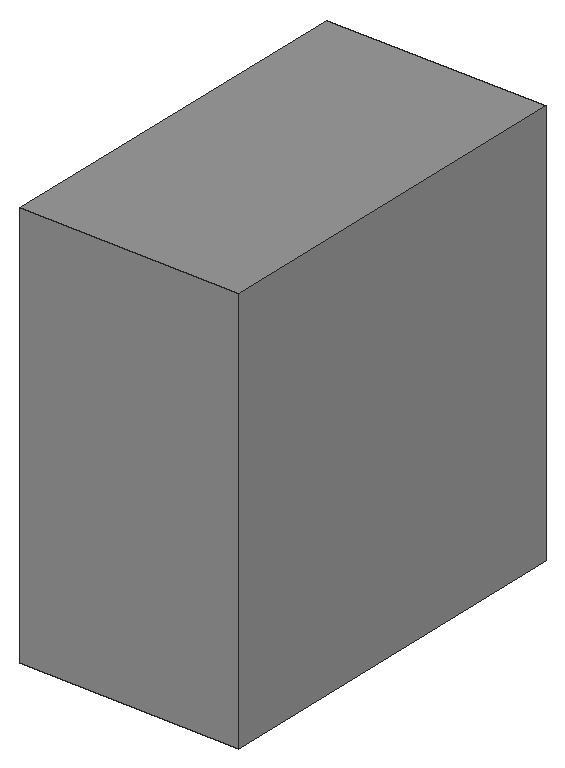
Revit family "PRE080014-FR", category Appareils sanitaires, Revit 2017
Family settings
  Cote de connecteur circulaire = Utiliser le diamètre
  Type d'élément = Normal
  Basée sur le plan de construction = Non
  Toujours verticalement = Oui
  Couper avec des vides une fois chargée = Non
  Partagée = Non
  Point de calcul de pièce = Non
Parameters (values of type "70804 PRESTO CHEF Mélangeur mural avec bec par-dessus")
  Variantes = "70804"
  Product data url = "https://www.bimobject.com/presto/product/pre080014"
  Product Guid = "cbd18e76-b8ed-43b2-b15f-4c3358826756"
  Garantie = ""
  URL Fabricant = "http://www.prestodatashare.com/centretelechargement/index.php?lang=FR&refs=70804"
  URL = "http://www.prestodatashare.com/centretelechargement/index.php?lang=FR&refs=70804"
  Lien notice d'utilisation = "http://www.prestodatashare.com/centretelechargement/index.php?lang=FR&refs=70804"
  Lien fiche produit = "http://www.prestodatashare.com/espacedoc/Fiches_Techniques/FR/70804.pdf"
  Reference = "70804"
  Pression = ""
  Polantis code = "PRE080014"
  Perte de charge = 0.0 Pa
  Profondeur = 320 mm
  Modèle = "70804 PRESTO CHEF Mélangeur mural avec bec par-dessus"
  Matériau = Laiton poli chromé
  Lien CCTP = "http://www.prestodatashare.com/centretelechargement/index.php?lang=FR&refs=70804"
  Largeur = 183 mm
  HC = 320 mm
  Hauteur = 340 mm
  Fonction = "Mélangeur mural avec bec par-dessus\nBec orientable à 360°, saillie 250 mm, hauteur sous bec 226 mm, diamètre 22 mm. Epaisseur de bec : 1,5 mm\nTête céramique 1/4 de tour avec débit 30L/min à 3 bar\nBrise-jet anti-tarte interchangeable\n\nPression d'utilisation recommandée : 1 à 5 bars\n\nDébit : 30L/min à 3 bar\n\nAlimentation hydraulique : Raccords excentrés M1/2'' M3/4'' fournis avec rosaces\n\nMatière et couleur de finition :\nCorps et bec en laiton chromé\nMatière conforme avec la liste \"UBA\"\n\nRésistance thermique : Résiste à une température de 75° C durant 30 minutes (dans le cadre de chocs thermiques).\n\nLivré avec :\nclapets anti-retour NF\n2 filtres"
  Flux = 0.05 L/s
  Finition = "Corps en laiton chromé conforme aux normes NF EN1982/ NF EN 12164 / NF EN 12165\nTraitement de surface Nickel-Chrome selon NF EN12540\nRésistance au brouillard salin neutre (NSS) : 200 h selon NF ISO 9228"
  Fabricant = "LES ROBINETS PRESTO S.A."
  Edition number = 0
  Diamètre Nominal = 15 mm
  Description = "Produit résistant à un usage intensif\nInterface corps/bec renforcé avec double paliers de glissement : absence de jeu et endurance élevée\nBec cossu : diamètre 22 mm.\nVolants intuitifs et ergonomiques : facilité de préhension\nHygiène : bec à intérieur lisse\nVersion murale : facilite le nettoyage et favorise une hygiène optimale\nBec haut pour laisser passer les grands contenants\nMaintenance aisée : présence d'une fente sous la pastille rouge/bleue permettant le passage d'un tournevis\nFacilité de maintenance : disponibilité de toutes les pièces d'usure\nBrise-jet pour canaliser l'eau et éviter les projections d'eau latérales"
  Debit = "3 l/min par limiteur de débit intégré\r\r\nAérateur anti-tartre haute qualité\r\r\nDispositif anti-coup de bélier"
  Raccordement = "2xG1/2 entraxe 150 derriere bas"
  Adresse = "7, RUE RACINE - 92542 MONTROUGE CEDEX FRANCE"
Reference planes
  plane 1 "Centre (avant/arrière)": y = 0
  plane 2: z = 0
  plane 3 "Centre (gauche/droite)": x = 0
  plane 4: y = -320
  plane 5: x = 183
  plane 6: z = 340
  plane 7: x = 91.5
  plane 8: z = 20
  plane 9: y = -25.5
  plane 10: z = 1
  plane 11: y = -1
  plane 12: x = 15
  plane 13: x = 168
Forms (mm)
  Extrusion 1, solid, material "Laiton poli chromé" <- "Matériau", detail levels fine
    sketch origin (0, 0, 0) x (1, 0, 0) y (0, 1, 0)
      loop
        line (0, 0) -> (0, -320) -> (183, -320) -> (183, 0) -> (0, 0)
    from 0 to 340
  Extrusion 2, solid, material "Laiton poli chromé" <- "Matériau", detail levels fine
    sketch origin (0, 0, 0) x (1, 0, 0) y (0, 0, 1)
      loop
        circle (15, 20) r 4
    from 0 to 1
  Extrusion 3, solid, material "Laiton poli chromé" <- "Matériau", detail levels fine
    sketch origin (0, 0, 0) x (1, 0, 0) y (0, 0, 1)
      loop
        circle (168, 20) r 4
    from 0 to 1
Cuts and joins
  joined: Extrusion 1, Extrusion 2, Extrusion 3
Dimensions and locks
  "Profondeur": plane 1 "Centre (avant/arrière)" to plane 4
  "Largeur": plane 3 "Centre (gauche/droite)" to plane 5
  "Hauteur": plane 6 to level
  equal spacing: plane 3 "Centre (gauche/droite)", plane 7, plane 5
  "HC": plane 6 to plane 8
  plane 1 "Centre (avant/arrière)" to plane 9 = 25.5 mm
  locked: plane 10 to plane 2 at 1
  locked: plane 1 "Centre (avant/arrière)" to plane 11 at 1
  locked: plane 13 to plane 5 at 15
  locked: plane 3 "Centre (gauche/droite)" to plane 12 at 15
  aligned and locked: level to plane 2
  aligned and locked: plane 1 "Centre (avant/arrière)" to Extrusion 1 sketch curve
  aligned and locked: plane 3 "Centre (gauche/droite)" to Extrusion 1 sketch curve
  aligned and locked: plane 4 to Extrusion 1 sketch curve
  aligned and locked: plane 5 to Extrusion 1 sketch curve
  aligned and locked: plane 6 to Extrusion 1
  aligned and locked: Extrusion 2 to plane 11
  aligned and locked: Extrusion 2 to plane 1 "Centre (avant/arrière)"
  aligned and locked: plane 7 to nested 1
  aligned and locked: plane 1 "Centre (avant/arrière)" to nested 1
  aligned and locked: nested 2 to plane 3 "Centre (gauche/droite)"
  aligned and locked: nested 2 to plane 4
Automatic sketch dimensions
  Extrusion 2 sketch curve to plane 8 = 0 mm
  plane 12 to Extrusion 2 sketch curve = 0 mm
  Extrusion 3 sketch curve to plane 8 = 0 mm
  Extrusion 3 sketch curve to plane 13 = 0 mm
  radius of Extrusion 2 sketch curve = 4 mm
  radius of Extrusion 3 sketch curve = 4 mm
Nested families
  nested 1: "Symbolique" at (0, -160, -150) x (0, 1, 0) z (0, 0, 1), type "Symbolique", detail levels coarse+medium
  nested 2: "S2D" at (183, -160, 0) x (0, 1, 0) z (0, 0, 1), type "S2D", detail levels coarse+medium
Connectors
  piping at (15, 0, 20), diameter 15, driven by "Flux", driven by "Perte de charge", driven by "Diamètre Nominal"
    settings: on Extrusion 2, index 2, connector inside diameter 609.6 mm, connector length 0 mm, flow factor 0, pipe flow 0.05 L/s, pressure drop 0.0 Pa, fitting loss kfactor 0, connector angle 0.00°, fixture units 0, engagement length 0 mm, angle of deflection 0.00°, flow configuration 0, flow direction 1, fitting loss method 4, system type 19, joint type 0, gender type 0, connector reference index -1, connector utility 0, adjustable connector no, is connector primary yes, connector description ""
  piping at (168, 0, 20), diameter 15, driven by "Diamètre Nominal", driven by "Flux", driven by "Perte de charge"
    settings: on Extrusion 3, index 3, connector inside diameter 609.6 mm, connector length 0 mm, flow factor 0, pipe flow 0.05 L/s, pressure drop 0.0 Pa, fitting loss kfactor 0, connector angle 0.00°, fixture units 0, engagement length 0 mm, angle of deflection 0.00°, flow configuration 0, flow direction 1, fitting loss method 4, system type 20, joint type 0, gender type 0, connector reference index -1, connector utility 0, adjustable connector no, is connector primary no, connector description ""
Definition of nested family "Symbolique"
  Parameters (values of type "Symbolique")
    V = yes
    P = 1000 mm
    L = 1000 mm
    H = 1000 mm
  Reference planes
    plane 1 "Centre (avant/arrière)": y = 0
    plane 2: z = 0
    plane 3 "Centre (gauche/droite)": x = 0
    plane 4: y = -1000
    plane 5: x = -500
    plane 6: x = 500
    plane 7: z = 1000
    plane 8: z = 500
    plane 9: y = -500
  Lines and regions (mm)
    model lines, visible <- "V"
      curve 1: line (-500, -1000, 500) -> (-500, 0, 500)
      curve 2: line (500, -1000, 500) -> (500, 0, 500)
      curve 3: line (500, 0, 500) -> (-500, -1000, 500)
      curve 4: line (-500, 0, 500) -> (500, -1000, 500)
  Dimensions and locks
    "H": plane 7 to plane 2
    equal spacing: plane 5, plane 3 "Centre (gauche/droite)", plane 6
    "L": plane 5 to plane 6
    equal spacing: plane 7, plane 8, level
    equal spacing: plane 4, plane 9, plane 1 "Centre (avant/arrière)"
    "P": plane 1 "Centre (avant/arrière)" to plane 4
    aligned and locked: level to plane 2
  Automatic sketch dimensions
    plane 1 "Centre (avant/arrière)" to curve 3 = 0 mm
    curve 3 to plane 6 = 0 mm
    curve 3 to plane 4 = 0 mm
    curve 3 to plane 5 = 0 mm
    plane 1 "Centre (avant/arrière)" to curve 1 = 0 mm
    curve 2 to plane 4 = 0 mm
Definition of nested family "S2D"
  Parameters (values of type "S2D")
    P = 788.322 mm
    L = 1600 mm
    H = 1250.021 mm
  Reference planes
    plane 1 "Centre (avant/arrière)": y = 0
    plane 2: z = 0
    plane 3 "Centre (gauche/droite)": x = 0
    plane 4: y = 788.322
    plane 5: x = -800
    plane 6: x = 800
    plane 7: y = 394.161
    plane 8: z = 1250.021
    plane 9: z = 625.01
  Lines and regions (mm)
    symbolic lines
      curve 1: line (-800, 788.322, 0) -> (800, 0, 0)
      curve 2: line (800, 0, 0) -> (800, 788.322, 0)
      curve 3: line (800, 788.322, 0) -> (-800, 0, 0)
      curve 4: line (-800, 0, 0) -> (-800, 788.322, 0)
      curve 5: line (-800, 0, 0) -> (-800, 0, 1250.021)
      curve 6: line (-800, 0, 1250.021) -> (800, 0, 0)
      curve 7: line (800, 0, 0) -> (800, 0, 1250.021)
      curve 8: line (800, 0, 1250.021) -> (-800, 0, 0)
      curve 9: line (0, 0, 1250.021) -> (0, 0, 0)
      curve 10: line (0, 0, 0) -> (0, 788.322, 1250.021)
      curve 11: line (0, 788.322, 1250.021) -> (0, 788.322, 0)
      curve 12: line (0, 788.322, 0) -> (0, 0, 1250.021)
  Dimensions and locks
    equal spacing: plane 5, plane 3 "Centre (gauche/droite)", plane 6
    equal spacing: plane 1 "Centre (avant/arrière)", plane 7, plane 4
    "P": plane 1 "Centre (avant/arrière)" to plane 4
    "L": plane 5 to plane 6
    equal spacing: plane 8, plane 9, level
    "H": plane 8 to plane 2
    aligned and locked: level to plane 2
  Automatic sketch dimensions
    plane 1 "Centre (avant/arrière)" to curve 3 = 0 mm
    curve 1 to plane 4 = 0 mm
    curve 3 to plane 4 = 0 mm
    plane 1 "Centre (avant/arrière)" to curve 2 = 0 mm
    curve 3 to plane 6 = 0 mm
    curve 4 to plane 5 = 0 mm
    plane 5 to curve 5 = 0 mm
    curve 8 to level = 0 mm
    plane 6 to curve 8 = 0 mm
    curve 7 to level = 0 mm
    curve 8 to plane 8 = 0 mm
    curve 5 to plane 8 = 0 mm
    curve 11 to level = 0 mm
    curve 11 to plane 8 = 0 mm
    curve 9 to plane 8 = 0 mm
    curve 9 to plane 1 "Centre (avant/arrière)" = 0 mm
    curve 9 to level = 0 mm
    curve 11 to plane 4 = 0 mm
